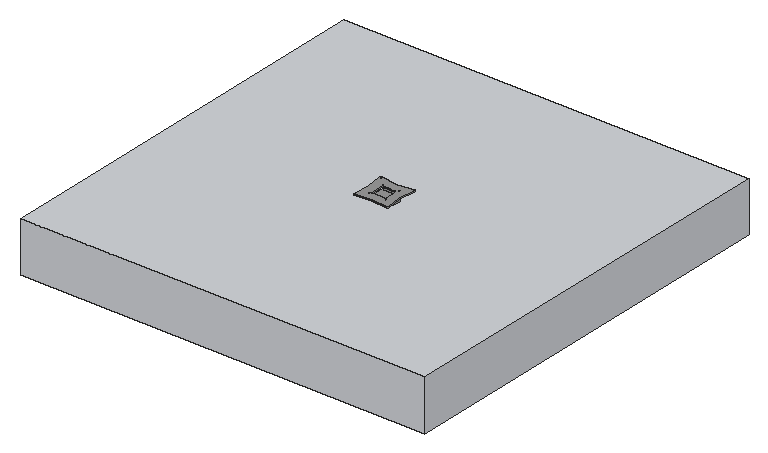
Revit family "Legrand Benelux Snap on Columns accessoiries", category Installations électriques, Revit 2020
Family settings
  Hôte = Face
  Conserver l'orientation des annotations = Non
  Cote de connecteur circulaire = Utiliser le diamètre
  Type d'élément = Normal
  Couper avec des vides une fois chargée = Non
  Partagée = Non
  Point de calcul de pièce = Non
Parameters (values of type "Support TV screen 42 inches")
  Standard = "Snap-on-ON"
  Modèle = "LG-653082"
  Main Material = "Mixed"
  Finishing = "Mixed"
  Fabricant = "LEGRAND"
  Elévation par défaut = 1800 mm
  Description = "tv Column mount 26-42 inch / 66-107cm / vesa. Column cv 45 mm"
  Accessoire = TV_SUPPORT_45 : 66-107cm
Types (4, lengths in mm): name | Modèle | Main Material | Finishing | Elévation par défaut | Description | Accessoire
  Panel indicator | "LG-653080" | "Mixed" | "Mixed" | 2000 | "panel indicator 150x150mm cv45" | INFORMATIONS_PANEL_45 : 150x150mm
  Support TV screen 26 inches | "LG-653081" | "Mixed" | "Mixed" | 1800 | "tv Column mount 10-26 inch / 25-66cm / vesa. Column cv 45 mm" | TV_SUPPORT_45 : 25-66cm
  Support TV screen 42 inches | "LG-653082" | "Mixed" | "Mixed" | 1800 | "tv Column mount 26-42 inch / 66-107cm / vesa. Column cv 45 mm" | TV_SUPPORT_45 : 66-107cm
  Shelf | "LG-653083" | "Corian" | "White" | 900 | "shelf for cv45mm direct clipping Column" | TABLES_45 : Shelf
Reference planes
  plane 1 "Centre (avant/arrière)": y = 0
  plane 2: z = 0
  plane 3 "Centre (gauche/droite)": x = 0
  plane 4: z = 15
  plane 5: y = 22.5
  plane 6: y = -22.5
Forms (mm)
  Extrusion 1, solid
    sketch origin (0, 0, 0) x (1, 0, 0) y (0, 1, 0)
      loop
        line (-1219.2, 1219.2) -> (-1219.2, -1219.2) -> (1219.2, -1219.2) -> (1219.2, 1219.2) -> (-1219.2, 1219.2)
    from 0 to -304.8
Dimensions and locks
  aligned and locked: plane 2 to Extrusion 1
  aligned and locked: level to Extrusion 1
  aligned and locked: nested 1 to plane 3 "Centre (gauche/droite)"
  aligned and locked: nested 1 to plane 1 "Centre (avant/arrière)"
Nested families
  nested 1: "TV_SUPPORT_45" at (0, 0, 0) x (-1, 0, 0) z (0, 0, 1), type <- "Accessoire", type "66-107cm"
    with Longueur support 200 mm, Longueur VESA 100 mm, Longueur CV 45 mm
Definition of nested family "TV_SUPPORT_45"
  Parameters (values of type "Support Ref. 653181")
    Longueur support = 100 mm
    Longueur VESA = 75 mm
    Longueur CV = 80 mm
    Default Elevation = 1219.2 mm
  Types (5, lengths in mm): name | Longueur support | Longueur VESA | Longueur CV
    (no name) | 100 | 75 | 80
    Support Ref. 653081 | 100 | 75 | 45
    Support Ref. 653082 | 200 | 100 | 45
    Support Ref. 653181 | 100 | 75 | 80
    Support Ref. 653182 | 200 | 100 | 80
  Reference planes
    plane 1 "Centre (avant/arrière)": y = 0
    plane 2: z = 0
    plane 3 "Centre (gauche/droite)": x = 0
    plane 4: y = -50
    plane 5: y = 50
    plane 6: x = -50
    plane 7: x = 50
    plane 8: y = 37.5
    plane 9: y = -37.5
    plane 10: x = 37.5
    plane 11: x = -37.5
    plane 12: x = 30
    plane 13: x = -30
    plane 14: y = 30
    plane 15: y = -30
    plane 16: z = 15
    plane 17: y = 32
    plane 18: y = -32
    plane 19: z = 30
    plane 20: x = -75
    plane 21: x = 75
    plane 22: y = 40
    plane 23: y = -40
  Forms (mm)
    Extrusion 1, solid
      sketch origin (0, 0, 0) x (1, 0, 0) y (0, 1, 0)
        loop
          line (-1219.2, 1219.2) -> (-1219.2, -1219.2) -> (1219.2, -1219.2) -> (1219.2, 1219.2) -> (-1219.2, 1219.2)
      from 0 to -304.8
    Extrusion 2, solid
      sketch origin (0, 0, 0) x (1, 0, 0) y (0, 1, 0)
        loop
          line (50, 55) -> (0, 43.75) -> (-50, 55)
          arc (-50, 55) -> (-53.536, 53.536) -> (-55, 50) r 5
          line (-55, 50) -> (-43.75, 0) -> (-55, -50)
          arc (-55, -50) -> (-53.536, -53.536) -> (-50, -55) r 5
          line (-50, -55) -> (0, -43.75) -> (50, -55)
          arc (50, -55) -> (53.536, -53.536) -> (55, -50) r 5
          line (55, -50) -> (43.75, 0) -> (55, 50)
          arc (55, 50) -> (53.536, 53.536) -> (50, 55) r 5
      from 30 to 35
    Extrusion 3, void
      sketch origin (0, 0, 0) x (1, 0, 0) y (0, 1, 0)
        loop
          circle (-50, 50) r 1.5
        loop
          circle (50, 50) r 1.5
        loop
          circle (-50, -50) r 1.5
        loop
          circle (50, -50) r 1.5
      from 30 to 35
    Extrusion 4, void
      sketch origin (0, 0, 0) x (1, 0, 0) y (0, 1, 0)
        loop
          line (30, 30) -> (-30, 30) -> (-30, -30) -> (30, -30) -> (30, 30)
      from 30 to 35
    Extrusion 5, void
      sketch origin (0, 0, 0) x (1, 0, 0) y (0, 1, 0)
        loop
          circle (-37.5, 37.5) r 1.5
        loop
          circle (37.5, 37.5) r 1.5
        loop
          circle (-37.5, -37.5) r 1.5
        loop
          circle (37.5, -37.5) r 1.5
      from 30 to 35
    Extrusion 6, solid
      sketch origin (0, 0, 0) x (1, 0, 0) y (0, 1, 0)
        loop
          line (-30, -30) -> (-30, -32) -> (30, -32) -> (30, -30) -> (-30, -30)
      from 15 to 30
    Extrusion 7, solid
      sketch origin (0, 62, 0) x (1, 0, 0) y (0, 1, 0)
        loop
          line (-30, -30) -> (-30, -32) -> (30, -32) -> (30, -30) -> (-30, -30)
      from 15 to 30
    Extrusion 8, solid
      sketch origin (0, 0, 0) x (1, 0, 0) y (0, 1, 0)
        loop
          line (-75, 40) -> (-75, -40) -> (75, -40) -> (75, 40) -> (-75, 40)
      from 0 to 15
    Extrusion 9, solid
      sketch origin (0, 0, 0) x (1, 0, 0) y (0, 1, 0)
        loop
          line (-30, -30) -> (30, -30) -> (30, 30) -> (-30, 30) -> (-30, -30)
      from 15 to 17
  Cuts and joins
    Extrusion 3, Extrusion 4, Extrusion 5 cuts Extrusion 2
  Dimensions and locks
    "Longueur support": plane 6 to plane 7
    equal spacing: plane 6, plane 3 "Centre (gauche/droite)", plane 7
    locked: plane 11 to plane 13 at 7.5
    locked: plane 12 to plane 10 at 7.5
    locked: plane 15 to plane 9 at 7.5
    locked: plane 8 to plane 14 at 7.5
    "Longueur support": plane 4 to plane 5
    equal spacing: plane 4, plane 1 "Centre (avant/arrière)", plane 5
    "Longueur VESA": plane 11 to plane 10
    equal spacing: plane 11, plane 3 "Centre (gauche/droite)", plane 10
    "Longueur VESA": plane 8 to plane 9
    equal spacing: plane 8, plane 1 "Centre (avant/arrière)", plane 9
    plane 3 "Centre (gauche/droite)" to Extrusion 6 = 30 mm
    "Longueur CV": plane 23 to plane 22
    equal spacing: plane 23, plane 1 "Centre (avant/arrière)", plane 22
    locked: plane 15 to plane 18 at 2
    locked: plane 17 to plane 14 at 2
    aligned and locked: plane 2 to Extrusion 1
    aligned and locked: level to Extrusion 1
    aligned and locked: Extrusion 8 sketch curve to plane 23
    aligned and locked: plane 20 to Extrusion 8 sketch curve
    aligned and locked: plane 22 to Extrusion 8 sketch curve
    aligned and locked: Extrusion 8 sketch curve to plane 21
  Automatic sketch dimensions
    Extrusion 1 sketch curve to Extrusion 1 sketch curve = 2438.4 mm  (x2)
    plane 4 to Extrusion 2 sketch curve = 0 mm  (x2)
    plane 5 to Extrusion 2 sketch curve = 0 mm  (x2)
    Extrusion 2 sketch curve to plane 6 = 0 mm  (x2)
    plane 1 "Centre (avant/arrière)" to Extrusion 2 sketch curve = 0 mm  (x2)
    Extrusion 2 sketch curve to plane 3 "Centre (gauche/droite)" = 0 mm  (x2)
    Extrusion 2 sketch curve to plane 7 = 0 mm  (x2)
    plane 6 to Extrusion 2 sketch curve = 5 mm  (x2)
    Extrusion 2 sketch curve to plane 6 = 6.25 mm
    plane 7 to Extrusion 2 sketch curve = 6.25 mm
    Extrusion 2 sketch curve to Extrusion 2 sketch curve = 5 mm  (x2)
    Extrusion 2 sketch curve to plane 4 = 6.25 mm
    plane 5 to Extrusion 2 sketch curve = 6.25 mm
    plane 4 to Extrusion 3 sketch curve = 0 mm  (x2)
    Extrusion 3 sketch curve to plane 6 = 0 mm  (x2)
    plane 5 to Extrusion 3 sketch curve = 0 mm  (x2)
    Extrusion 3 sketch curve to plane 7 = 0 mm  (x2)
    Extrusion 4 sketch curve to plane 13 = 0 mm
    Extrusion 4 sketch curve to plane 12 = 0 mm
    Extrusion 4 sketch curve to plane 15 = 0 mm
    Extrusion 4 sketch curve to plane 14 = 0 mm
    Extrusion 5 sketch curve to plane 9 = 0 mm  (x2)
    Extrusion 5 sketch curve to plane 11 = 0 mm  (x2)
    Extrusion 5 sketch curve to plane 8 = 0 mm  (x2)
    Extrusion 5 sketch curve to plane 10 = 0 mm  (x2)
    Extrusion 6 sketch curve to plane 13 = 0 mm
    Extrusion 6 sketch curve to plane 12 = 0 mm
    Extrusion 6 sketch curve to plane 18 = 0 mm
    Extrusion 6 sketch curve to plane 15 = 0 mm
    Extrusion 7 sketch curve to plane 13 = 0 mm
    Extrusion 7 sketch curve to plane 12 = 0 mm
    Extrusion 7 sketch curve to plane 14 = 0 mm
    Extrusion 7 sketch curve to plane 17 = 0 mm
    Extrusion 9 sketch curve to plane 13 = 0 mm
    Extrusion 9 sketch curve to plane 12 = 0 mm
    Extrusion 9 sketch curve to plane 15 = 0 mm
    Extrusion 9 sketch curve to plane 14 = 0 mm
    radius of Extrusion 3 sketch curve = 1.5 mm  (x4)
    radius of Extrusion 5 sketch curve = 1.5 mm  (x4)
